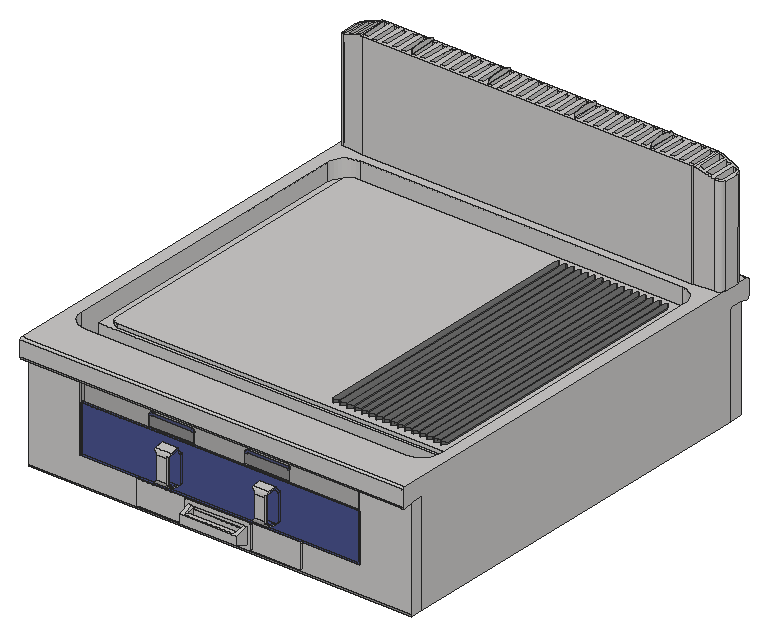
Revit family "QF_ELECTROLUXPROFESSIONAL_589110_MCHOAAHOPO", category Specialty Equipment, Revit 2018
Family settings
  Round Connector Dimension = Use Diameter
  Part Type = Normal
  Work Plane-Based = No
  Always vertical = Yes
  Cut with Voids When Loaded = No
  Shared = No
  Room Calculation Point = No
Parameters
  Weight in Pounds = 264.6
  Watts = 0 W
  URL Cutsheet = ""
  Type Mark [instance] = ""
  Specification by User [instance] = ""
  Specification by Manufacturer = ""
  Show Clearance [instance] = yes
  Serial Number = ""
  Seismic Rating = ""
  SMACNA No = ""
  Revision Code [instance] = ""
  Omniclass Number and Title = ""
  NAFEM Spec ID Number = ""
  Model = "589110"
  Mechanical Remarks = ""
  Mechanical Connection Type = ""
  Masterspec = ""
  Manufacturer = "ELECTROLUX"
  Item Number [instance] = ""
  Installed By [instance] = ""
  Identify Quantity as Lot [instance] = yes
  HP = "0 HP"
  Gas Size = 1/2"
  Gas RI Height [instance] = 0 mm
  Gas KW = 20
  Gas Input [instance] = 68180.0 Btu/h
  Gas Connection Height = 0 mm
  Furnished By [instance] = ""
  Foodservice Equipment Identifier [instance] = yes
  Direct Waste Size = 0"
  Description = "GAS FRYTOP,MIXED PL,1-SIDE,800X900X250H"
  CSI MasterFormat = ""
  CSI Master Format = ""
  Back Panel [instance] = yes
Reference planes
  plane 1 "BACK": y = 0
  plane 2: z = 0
  plane 3 "LEFT": x = 0
  plane 4 "RIGHT": x = 800
  plane 5 "FRONT": y = -900
  plane 6 "TOP": z = 250
  plane 7: x = 400
  plane 8: y = -450
  plane 9: z = 481
  plane 10: y = -1330
Forms (mm)
  Extrusion 1, solid, material "QF_Finishes_Stainless Steel"
    sketch origin (0, -487.128, 0) x (0, 1, 0) y (0, 0, 1)
      loop
        line (483.128, 250) -> (-408.872, 250)
        arc (-408.872, 250) -> (-411.7, 248.828) -> (-412.872, 246) r 4
        line (-412.872, 246) -> (-412.872, 214)
        arc (-412.872, 214) -> (-411.443, 210.936) -> (-408.177, 210.061) r 4
        line (-408.177, 210.061) -> (-391.509, 213) -> (-366.872, 213) -> (-366.872, 0) -> (441.128, 0) -> (441.128, 213) -> (465.765, 213) -> (482.433, 210.061)
        arc (482.433, 210.061) -> (485.699, 210.936) -> (487.128, 214) r 4
        line (487.128, 214) -> (487.128, 246)
        arc (487.128, 246) -> (485.956, 248.828) -> (483.128, 250) r 4
    from 0 to 800
  Extrusion 2, solid, material "QF_Finishes_Stainless Steel", visible <- "Back Panel"
    sketch origin (0, 0, 0) x (0, 1, 0) y (0, 0, 1)
      loop
        line (-46, 0) -> (-20, 0) -> (-20, 213) -> (-46, 213) -> (-46, 0)
    from 0 to 800
  Extrusion 3, void
    sketch origin (653.786, 44.048, 250) x (1, 0, 0) y (0, -1, 0)
      loop
        line (-590.636, 138.048) -> (83.064, 138.048)
        arc (83.064, 138.048) -> (110.04, 149.222) -> (121.214, 176.198) r 38.15
        line (121.214, 176.198) -> (121.214, 816.572)
        arc (121.214, 816.572) -> (109.944, 843.779) -> (82.737, 855.048) r 38.476
        line (82.737, 855.048) -> (-591.786, 855.048)
        arc (-591.786, 855.048) -> (-617.949, 844.211) -> (-628.786, 818.048) r 37
        line (-628.786, 818.048) -> (-628.786, 176.198)
        arc (-628.786, 176.198) -> (-617.613, 149.222) -> (-590.636, 138.048) r 38.15
    from 0 to 37
  Extrusion 4, void
    sketch origin (1307.573, 92.096, 213) x (0, 1, 0) y (1, 0, 0)
      loop
        line (-821.846, -532.573) -> (-864.62, -532.573)
        arc (-864.62, -532.573) -> (-891.827, -543.842) -> (-903.096, -571.049) r 38.476
        line (-903.096, -571.049) -> (-903.096, -1245.573)
        arc (-903.096, -1245.573) -> (-892.259, -1271.736) -> (-866.096, -1282.573) r 37
        line (-866.096, -1282.573) -> (-821.846, -1282.573) -> (-821.846, -532.573)
    from 0 to 25.6
  Extrusion 5, void
    sketch origin (1612.573, 92.096, 187.4) x (-1, 0, 0) y (0, 1, 0)
      loop
        circle (1212.573, -862.096) r 22.248
    from 0 to 92
  Extrusion 6, solid, material "QF_Finishes_Stainless Steel"
    sketch origin (0, -854, 0) x (1, 0, 0) y (0, -1, 0)
      loop
        circle (765, -264) r 6.35
    from 0 to 3.2
  Extrusion 7, solid, material "QF_Door-Drawer Clearances", visible <- "Show Clearance", detail levels coarse
    sketch origin (437.31, -881.593, 8.62) x (0, 0, 1) y (-1, 0, 0)
      loop
        line (1.973, -134.295) -> (49.317, -134.295)
        arc (49.317, -134.295) -> (50.776, -133.691) -> (51.38, -132.232) r 2.063
        line (51.38, -132.232) -> (51.38, 206.852)
        arc (51.38, 206.852) -> (50.88, 208.549) -> (49.541, 209.705) r 3.133
        line (49.541, 209.705) -> (3.067, 209.705)
        arc (3.067, 209.705) -> (0.898, 208.807) -> (0, 206.638) r 3.067
        line (0, 206.638) -> (0, -132.322)
        arc (0, -132.322) -> (0.578, -133.717) -> (1.973, -134.295) r 1.973
    from 0 to 448.407
  Extrusion 8, solid, material "QF_Clearances", visible <- "Show Clearance", detail levels coarse
    sketch origin (-178.969, -4572, 0) x (-1, 0, 0) y (0, -1, 0)
      loop
        line (-78.969, -3672) -> (-178.969, -3672) -> (-178.969, -4572) -> (-978.969, -4572) -> (-978.969, -3672) -> (-1078.969, -3672) -> (-1078.969, -4672) -> (-78.969, -4672) -> (-78.969, -3672)
    from 0 to 250
Cuts and joins
  Extrusion 3, Extrusion 4, Extrusion 5 cuts Extrusion 1
Lines and regions (mm)
  symbolic lines
    curve 1: line (493.666, -902.326, 0) -> (493.666, -900, 0)
    curve 2: spline (499.334, -903.73, 0) -> (498.856, -903.657, 0) -> (498.378, -903.575, 0) -> (497.901, -903.486, 0) -> (497.425, -903.389, 0) -> (496.95, -903.283, 0) -> (496.476, -903.17, 0) -> (496.004, -903.049, 0) -> (495.533, -902.92, 0) -> (495.064, -902.783, 0) -> (494.596, -902.638, 0) -> (494.13, -902.486, 0) -> (493.666, -902.326, 0)
    curve 3: line (525.881, -902.326, 0) -> (525.881, -900, 0)
    curve 4: spline (525.881, -902.326, 0) -> (525.417, -902.486, 0) -> (524.951, -902.638, 0) -> (524.483, -902.783, 0) -> (524.014, -902.92, 0) -> (523.543, -903.049, 0) -> (523.071, -903.17, 0) -> (522.597, -903.283, 0) -> (522.122, -903.389, 0) -> (521.646, -903.486, 0) -> (521.169, -903.575, 0) -> (520.691, -903.657, 0) -> (520.213, -903.73, 0)
    curve 5: line (499.334, -903.73, 0) -> (520.213, -903.73, 0)
    curve 6: line (25, -774, 0) -> (25, -132.15, 0)
    curve 7: arc (25, -132.15, 0) -> (36.174, -105.174, 0) -> (63.15, -94, 0) r 38.15
    curve 8: line (63.15, -94, 0) -> (736.85, -94, 0)
    curve 9: arc (736.85, -94, 0) -> (763.826, -105.174, 0) -> (775, -132.15, 0) r 38.15
    curve 10: line (775, -132.15, 0) -> (775, -772.524, 0)
    curve 11: arc (775, -772.524, 0) -> (763.731, -799.731, 0) -> (736.524, -811, 0) r 38.476
    curve 12: line (736.524, -811, 0) -> (62, -811, 0)
    curve 13: arc (62, -811, 0) -> (35.837, -800.163, 0) -> (25, -774, 0) r 37
    curve 14: line (775, -729.75, 0) -> (25, -729.75, 0)
    curve 15: circle (400, -770, 0) r 22.248 normal (0, 0, -1)
    curve 16: line (0, 0, 0) -> (800, 0, 0)
    curve 17: line (0, -900, 0) -> (0, 0, 0)
    curve 18: line (800, -900, 0) -> (0, -900, 0)
    curve 19: line (800, 0, 0) -> (800, -900, 0)
    curve 20: line (347.608, -908.767, 0) -> (450.042, -908.767, 0)
    curve 21: line (450.042, -908.767, 0) -> (451.588, -900, 0)
    curve 22: line (347.608, -908.767, 0) -> (346.062, -900, 0)
  symbolic lines, style "QF_Door-Drawer Clearances"
    curve 23: line (227.605, -1330, 0) -> (227.605, -900, 0)
    curve 24: line (227.605, -1330, 0) -> (571.605, -1330, 0)
    curve 25: line (571.605, -1330, 0) -> (571.605, -900, 0)
  symbolic lines, style "QF_Clearances", visible <- "Show Clearance", detail levels coarse
    curve 26: line (-100, 100, 0) -> (-100, -900, 0)
    curve 27: line (900, 100, 0) -> (-100, 100, 0)
    curve 28: line (900, -900, 0) -> (900, 100, 0)
Dimensions and locks
  plane 3 "LEFT" to plane 4 "RIGHT" = 800 mm
  plane 5 "FRONT" to plane 1 "BACK" = 900 mm
  equal spacing: plane 3 "LEFT", plane 7, plane 4 "RIGHT"
  equal spacing: plane 5 "FRONT", plane 8, plane 1 "BACK"
  plane 6 "TOP" to level = 250 mm  (x2)
  plane 1 "BACK" to plane 5 "FRONT" = 900 mm
  Extrusion 6 sketch curve to plane 1 "BACK" = 590 mm
  Extrusion 6 sketch curve to plane 4 "RIGHT" = 35 mm
  plane 5 "FRONT" to plane 10 = 430 mm
  plane 9 to plane 6 "TOP" = 231 mm
  plane 9 to level = 481 mm
  Extrusion 8 to plane 3 "LEFT" = 100 mm
  plane 4 "RIGHT" to Extrusion 8 = 100 mm
  plane 1 "BACK" to Extrusion 8 = 100 mm
  aligned and locked: level to plane 2
  aligned and locked: Extrusion 7 to plane 10
  aligned and locked: plane 6 "TOP" to Extrusion 8
  aligned and locked: cut or joined group of Extrusion 1, Extrusion 3, Extrusion 4, Extrusion 5 to plane 4 "RIGHT"
  aligned and locked: Extrusion 2 to plane 4 "RIGHT"
  aligned and locked: plane 7 to nested 1
  aligned and locked: plane 7 to nested 2
  aligned and locked: plane 7 to nested 3
Automatic sketch dimensions
  Extrusion 2 sketch curve to Extrusion 2 sketch curve = 26 mm
  plane 1 "BACK" to Extrusion 2 sketch curve = 20 mm
  Extrusion 1 to Extrusion 3 sketch curve = 90 mm
  Extrusion 1 to Extrusion 3 sketch curve = 122 mm
  Extrusion 1 to Extrusion 3 sketch curve = 25 mm
  Extrusion 3 sketch curve to Extrusion 3 sketch curve = 38.15 mm  (x2)
  Extrusion 1 to Extrusion 3 sketch curve = 123.476 mm
  Extrusion 1 to Extrusion 3 sketch curve = 85 mm
  Extrusion 3 sketch curve to Extrusion 3 sketch curve = 674.524 mm
  Extrusion 1 sketch curve to plane 5 "FRONT" = 0 mm
  Extrusion 1 sketch curve to plane 6 "TOP" = 0 mm
  Extrusion 1 sketch curve to level = 0 mm
  Extrusion 1 sketch curve to plane 1 "BACK" = 0 mm
  Extrusion 1 sketch curve to plane 6 "TOP" = 37 mm  (x2)
  Extrusion 1 sketch curve to plane 5 "FRONT" = 4 mm
  Extrusion 1 sketch curve to plane 5 "FRONT" = 21.363 mm
  Extrusion 1 sketch curve to plane 5 "FRONT" = 46 mm
  plane 1 "BACK" to Extrusion 1 sketch curve = 21.363 mm
  plane 1 "BACK" to Extrusion 1 sketch curve = 4 mm  (x2)
  Extrusion 1 sketch curve to Extrusion 1 sketch curve = 4 mm
  Extrusion 1 sketch curve to Extrusion 1 sketch curve = 0.695 mm
  Extrusion 1 sketch curve to Extrusion 1 sketch curve = 0 mm  (x4)
  plane 1 "BACK" to Extrusion 1 sketch curve = 4.695 mm
  Extrusion 1 sketch curve to Extrusion 1 sketch curve = 1 mm  (x2)
  plane 1 "BACK" to Extrusion 1 sketch curve = 46 mm
  Extrusion 4 sketch curve to Extrusion 3 = 81.25 mm
  Extrusion 3 to Extrusion 4 sketch curve = 0 mm  (x2)
  Extrusion 4 sketch curve to Extrusion 4 sketch curve = 37 mm
  Extrusion 4 sketch curve to Extrusion 4 sketch curve = 674.524 mm
  Extrusion 4 sketch curve to Extrusion 3 = 38.476 mm
  Extrusion 5 sketch curve to Extrusion 4 = 41 mm
  Extrusion 5 sketch curve to Extrusion 4 = 375 mm
  plane 1 "BACK" to curve 16 = 0 mm
  curve 16 to plane 4 "RIGHT" = 0 mm
  curve 23 to plane 10 = 0 mm
  curve 17 to plane 3 "LEFT" = 0 mm
  plane 5 "FRONT" to curve 25 = 0 mm
  plane 4 "RIGHT" to curve 10 = 25 mm
  curve 10 to curve 8 = 38.15 mm
  curve 11 to curve 12 = 38.476 mm
  plane 5 "FRONT" to curve 21 = 8.767 mm
  plane 5 "FRONT" to curve 3 = 2.326 mm
  plane 7 to curve 3 = 125.881 mm
  plane 5 "FRONT" to curve 5 = 3.73 mm
  curve 3 to curve 5 = 5.669 mm
  curve 5 to curve 22 = 172.605 mm
  curve 5 to curve 20 = 151.727 mm
  plane 5 "FRONT" to curve 1 = 2.326 mm
  curve 2 to curve 1 = 5.669 mm
  plane 3 "LEFT" to curve 8 = 63.15 mm
  plane 3 "LEFT" to curve 12 = 62 mm
  plane 3 "LEFT" to curve 23 = 227.605 mm
  plane 3 "LEFT" to curve 6 = 25 mm
  plane 4 "RIGHT" to curve 25 = 228.395 mm
  plane 5 "FRONT" to curve 4 = 4.032 mm
  curve 5 to curve 4 = 4.17 mm
  curve 4 to curve 22 = 169.98 mm
  curve 4 to curve 2 = 12.538 mm
  curve 15 to curve 13 = 338 mm
  plane 1 "BACK" to curve 8 = 94 mm
  curve 10 to plane 5 "FRONT" = 127.476 mm
  curve 14 to curve 13 = 44.25 mm
  curve 15 to curve 13 = 4 mm
  curve 2 to curve 4 = 0 mm
  plane 7 to curve 21 = 50.042 mm
  curve 21 to curve 20 = 1.546 mm
  plane 1 "BACK" to Extrusion 8 sketch curve = 0 mm
  plane 5 "FRONT" to Extrusion 8 sketch curve = 0 mm  (x2)
  Extrusion 8 sketch curve to plane 4 "RIGHT" = 100 mm
  Extrusion 8 sketch curve to plane 1 "BACK" = 100 mm
  Extrusion 8 sketch curve to plane 3 "LEFT" = 100 mm
  Extrusion 8 sketch curve to plane 3 "LEFT" = 0 mm
  Extrusion 8 sketch curve to plane 4 "RIGHT" = 0 mm
  curve 26 to plane 3 "LEFT" = 100 mm
  curve 26 to plane 1 "BACK" = 100 mm
  plane 5 "FRONT" to curve 26 = 0 mm
  curve 27 to plane 4 "RIGHT" = 100 mm
  plane 5 "FRONT" to curve 28 = 0 mm
  level to Extrusion 7 sketch curve = 8.62 mm
  level to Extrusion 7 sketch curve = 57.937 mm
  plane 7 to Extrusion 7 sketch curve = 171.605 mm
  Extrusion 7 sketch curve to Extrusion 7 sketch curve = 1.973 mm
  Extrusion 7 sketch curve to Extrusion 7 sketch curve = 3.067 mm
  Extrusion 7 sketch curve to Extrusion 7 sketch curve = 46.474 mm
  Extrusion 7 sketch curve to Extrusion 7 sketch curve = 2.063 mm
  Extrusion 7 sketch curve to Extrusion 7 sketch curve = 3.133 mm
  Extrusion 7 sketch curve to plane 7 = 169.328 mm
  Extrusion 2 sketch curve to level = 0 mm
  Extrusion 2 sketch curve to plane 6 "TOP" = 37 mm
  radius of Extrusion 5 sketch curve = 22.248 mm
  radius of Extrusion 6 sketch curve = 6.35 mm
  radius of curve 15 = 22.248 mm
Nested families
  nested 1: "GG_900_800 Front Panel with Center Grease Trap" at (0, -854, -650), type "GG_900_800 Front Panel with Center Grease Trap"
  nested 2: "GG_900_Backsplash for 800 fryer" at (388.888, -5, -635.571), type "GG_900_Backsplash for 800 fryer"
  nested 3: "GG_900_800 mm Half Grate" at (400, -411.875, -675), type "GG_900_800 mm Half Grate"
Connectors
  piping at (765, -590, -3.2), diameter 12.8
    settings: on Extrusion 6, index 1, connector inside diameter 0.50394", connector length 0 mm, flow factor 0, pipe flow 0 GPM, pressure drop 0.00 psi, fitting loss kfactor 0, connector angle 0.00°, fixture units 0, engagement length 0 mm, angle of deflection 0.00°, flow configuration 1, flow direction 1, fitting loss method 0, system type 7, joint type 0, gender type 0, connector reference index -1, connector utility 0, adjustable connector no, is connector primary yes, connector description "GAS CONNECTION"
Definition of nested family "GG_900_800 Front Panel with Center Grease Trap"
  Reference planes
    plane 1 "Center (Front/Back)": y = 0
    plane 2: z = 0
    plane 3 "Center (Left/Right)": x = 0
    plane 4: y = -26.492
    plane 5: x = 400
    plane 6: x = 522.091
    plane 7: x = 319.468
  Forms (mm)
    Extrusion 1, solid
      sketch origin (1033.217, 829.203, -1.25) x (0, 1, 0) y (0, 0, 1)
        loop
          arc (-854.203, 654.25) -> (-853.324, 652.129) -> (-851.203, 651.25) r 3
          line (-851.203, 651.25) -> (-829.203, 651.25) -> (-829.203, 864.25) -> (-854.203, 864.25) -> (-854.203, 654.25)
      from -1033.217 to -233.217
    Extrusion 2, void
      sketch origin (1033.217, 829.203, -1.25) x (1, 0, 0) y (0, 0, 1)
        loop
          line (-341.217, 853.25) -> (-925.217, 853.25) -> (-925.217, 711.25) -> (-341.217, 711.25) -> (-341.217, 853.25)
      from 843.409 to 854.203
  Cuts and joins
    Extrusion 2 cuts Extrusion 1
  Dimensions and locks
    cut or joined group of Extrusion 1, Extrusion 2 to cut or joined group of Extrusion 1, Extrusion 2 = 108 mm
    nested 2 to plane 3 "Center (Left/Right)" = 108 mm
    nested 2 to plane 3 "Center (Left/Right)" = 252.97 mm
    cut or joined group of Extrusion 1, Extrusion 2 to nested 2 = 253.275 mm
    cut or joined group of Extrusion 1, Extrusion 2 to nested 4 = 297.909 mm
    nested 3 to plane 3 "Center (Left/Right)" = 298.218 mm
    aligned and locked: nested 1 to nested 2
  Nested families
    nested 1: "grease trap door" at (467.599, -25, 0.608) x (-1, 0, 0) z (0, 0, 1), type "grease trap door"
    nested 2: "Long Glass Control Panel w-Two Reads" at (108, -25, 5.811), type "Long Glass Control Panel w-Two Reads"
    nested 3: "Range Control Handle" at (298.218, -28.137, -207.75), type "Range Control Handle"
    nested 4: "Range Control Handle" at (502.091, -28.137, -207.75), type "Range Control Handle"
  Definition of nested family "grease trap door"
    Reference planes
      plane 1 "Center (Front/Back)": y = 0
      plane 2: z = 0
      plane 3 "Center (Left/Right)": x = 0
    Forms (mm)
      Extrusion 1, solid
        sketch origin (1627.55, 854.203, -1.25) x (1, 0, 0) y (0, 0, 1)
          loop
            arc (-1627.55, 661.235) -> (-1626.972, 659.84) -> (-1625.577, 659.262) r 1.973
            line (-1625.577, 659.262) -> (-1494.325, 659.262)
            arc (-1494.325, 659.262) -> (-1492.156, 660.16) -> (-1491.258, 662.329) r 3.067
            line (-1491.258, 662.329) -> (-1491.258, 708.803)
            arc (-1491.258, 708.803) -> (-1492.414, 710.143) -> (-1494.111, 710.642) r 3.133
            line (-1494.111, 710.642) -> (-1625.486, 710.642)
            arc (-1625.486, 710.642) -> (-1626.945, 710.038) -> (-1627.55, 708.579) r 2.063
            line (-1627.55, 708.579) -> (-1627.55, 661.235)
        from 856.795 to 859.203
      Extrusion 2, solid
        sketch origin (445.874, 2476.61, 0) x (0, 1, 0) y (0, 0, 1)
          loop
            line (-2506.377, 675.273) -> (-2481.61, 667.505) -> (-2481.61, 700.995) -> (-2506.377, 693.227) -> (-2506.377, 675.273)
        from -437.68 to -317.68
      Extrusion 3, void
        sketch origin (1627.55, 854.203, -1.25) x (1, 0, 0) y (0, 0, 1)
          loop
            line (-1614.883, 703) -> (-1610.542, 695.433) -> (-1508.17, 695.433) -> (-1503.828, 703) -> (-1614.883, 703)
          loop
            line (-1614.883, 668) -> (-1502.669, 668) -> (-1507.01, 675.567) -> (-1610.542, 675.567) -> (-1614.883, 668)
        from 832.916 to 883.97
      Extrusion 4, void
        sketch origin (447.55, 854.203, -1.25) x (1, 0, 0) y (0, 0, 1)
          loop
            line (-430.542, 695.433) -> (-430.542, 675.567) -> (-328.17, 675.567) -> (-328.17, 695.433) -> (-430.542, 695.433)
        from 859.203 to 874.202
      Extrusion 5, solid
        sketch origin (1627.55, 854.203, -1.25) x (1, 0, 0) y (0, 0, 1)
          loop
            arc (-1731.556, 661.235) -> (-1730.978, 659.84) -> (-1729.583, 659.262) r 1.973
            line (-1729.583, 659.262) -> (-1390.623, 659.262)
            arc (-1390.623, 659.262) -> (-1388.454, 660.16) -> (-1387.556, 662.329) r 3.067
            line (-1387.556, 662.329) -> (-1387.556, 708.803)
            arc (-1387.556, 708.803) -> (-1388.712, 710.143) -> (-1390.409, 710.642) r 3.133
            line (-1390.409, 710.642) -> (-1729.493, 710.642)
            arc (-1729.493, 710.642) -> (-1730.952, 710.038) -> (-1731.556, 708.579) r 2.063
            line (-1731.556, 708.579) -> (-1731.556, 661.235)
        from 854.203 to 856.795
    Cuts and joins
      Extrusion 3 cuts Extrusion 1
      Extrusion 3, Extrusion 4 cuts Extrusion 2
      joined: Extrusion 1, Extrusion 2
    Lines and regions (mm)
      symbolic lines
        curve 1: line (0, -2.593, 0) -> (136.292, -2.593, 0)
        curve 2: line (17.557, -29.767, 0) -> (12.667, -2.593, 0)
        curve 3: line (17.557, -29.767, 0) -> (119.991, -29.767, 0)
        curve 4: line (119.991, -29.767, 0) -> (124.881, -2.593, 0)
        curve 5: line (68.146, -2.593, 0) -> (68.146, -29.767, 0)
      model lines
        curve 6: line (67.599, 0, 658.012) -> (67.599, 0, 709.392)
    Dimensions and locks
      aligned and locked: Extrusion 2 to Extrusion 1
      aligned and locked: Extrusion 3 to Extrusion 2
      aligned and locked: Extrusion 4 to Extrusion 1
  Definition of nested family "Long Glass Control Panel w-Two Reads"
    Reference planes
      plane 1 "Center (Front/Back)": y = 0
      plane 2: z = 0
      plane 3 "Center (Left/Right)": x = 0
      plane 4: x = 584
      plane 5: x = 581.091
      plane 6: x = 350
      plane 7: x = 233.749
      plane 8 "Top": z = 846.189
      plane 9 "Center": x = 292
    Forms (mm)
      Extrusion 1, solid
        sketch origin (550.286, 304.8, -4.308) x (1, 0, 0) y (0, 0, 1)
          loop
            line (-550.286, 806.791) -> (-550.286, 708.497) -> (33.714, 708.497) -> (33.714, 806.791) -> (-550.286, 806.791)
        from 300.031 to 304.8
      Extrusion 2, solid
        sketch origin (550.286, 304.8, -4.308) x (1, 0, 0) y (0, 0, 1)
          loop
            line (-550.286, 850.497) -> (-550.286, 806.791) -> (33.714, 806.791) -> (33.714, 850.497) -> (-550.286, 850.497)
        from 300.031 to 304.8
      Extrusion 3, solid
        sketch origin (550.286, 305.901, -4.308) x (1, 0, 0) y (0, 0, 1)
          loop
            line (-311.561, 812.62) -> (-311.561, 834.177) -> (-316.37, 834.177) -> (-318.169, 835.977) -> (-398.599, 835.977) -> (-400.399, 834.177) -> (-405.316, 834.177) -> (-405.316, 812.62) -> (-311.561, 812.62)
          loop
            line (-111.561, 812.62) -> (-111.561, 834.177) -> (-116.37, 834.177) -> (-118.169, 835.977) -> (-198.599, 835.977) -> (-200.399, 834.177) -> (-205.316, 834.177) -> (-205.316, 812.62) -> (-111.561, 812.62)
        from 304.798 to 306.745
      Extrusion 4, solid
        sketch origin (550.286, 305.901, -4.308) x (1, 0, 0) y (0, 0, 1)
          loop
            line (-318.121, 835.977) -> (-316.321, 834.177) -> (-311.611, 834.177)
            arc (-311.611, 834.177) -> (-312.787, 838.752) -> (-317.062, 840.763) r 5.549
            line (-317.062, 840.763) -> (-399.768, 840.763)
            arc (-399.768, 840.763) -> (-404.024, 838.747) -> (-405.16, 834.177) r 5.5
            line (-405.16, 834.177) -> (-400.351, 834.177) -> (-398.551, 835.977) -> (-318.121, 835.977)
          loop
            line (-200.222, 834.177) -> (-198.422, 835.977) -> (-117.993, 835.977) -> (-116.193, 834.177) -> (-111.482, 834.177)
            arc (-111.482, 834.177) -> (-112.659, 838.752) -> (-116.934, 840.763) r 5.549
            line (-116.934, 840.763) -> (-199.639, 840.763)
            arc (-199.639, 840.763) -> (-203.895, 838.747) -> (-205.031, 834.177) r 5.5
            line (-205.031, 834.177) -> (-200.222, 834.177)
        from 304.798 to 306.745
      Extrusion 5, void
        sketch origin (550.286, 304.8, -4.308) x (1, 0, 0) y (0, 0, 1)
          loop
            line (-547.628, 847.565) -> (-547.628, 710.699) -> (30.804, 710.699) -> (30.804, 847.565) -> (-547.628, 847.565)
        from 303.697 to 304.8
    Cuts and joins
      Extrusion 5 cuts Extrusion 1
      Extrusion 5 cuts Extrusion 2
      Extrusion 5 cuts Extrusion 3
      Extrusion 5 cuts Extrusion 4
    Lines and regions (mm)
      symbolic lines
        curve 1: line (0, 4.769, 0) -> (584, 4.769, 0)
    Dimensions and locks
      plane 4 to plane 3 "Center (Left/Right)" = 584 mm
      locked: plane 4 to plane 5 at 2.909
      plane 4 to plane 6 = 234 mm
      plane 7 to plane 3 "Center (Left/Right)" = 233.749 mm
      aligned and locked: Extrusion 1 to Extrusion 2
      aligned and locked: Extrusion 3 to Extrusion 4
  Definition of nested family "Range Control Handle"
    Reference planes
      plane 1 "Center (Front/Back)": y = 0
      plane 2: z = 0
      plane 3 "Center (Left/Right)": x = 0
      plane 4: z = 971.092
    Forms (mm)
      Extrusion 1, solid
        sketch origin (-746.28, 380.497, 208.931) x (-1, 0, 0) y (0, 0, 1)
          loop
            line (-770.101, 786.798) -> (-770.101, 731.649)
            arc (-770.101, 731.649) -> (-769.759, 730.563) -> (-768.855, 729.87) r 1.893
            line (-768.855, 729.87) -> (-763.474, 727.911) -> (-729.81, 727.911) -> (-724.428, 729.87)
            arc (-724.428, 729.87) -> (-723.525, 730.563) -> (-723.183, 731.649) r 1.893
            line (-723.183, 731.649) -> (-723.183, 786.798)
            arc (-723.183, 786.798) -> (-723.529, 787.894) -> (-724.44, 788.593) r 1.91
            line (-724.44, 788.593) -> (-729.683, 790.819) -> (-763.601, 790.819) -> (-768.844, 788.593)
            arc (-768.844, 788.593) -> (-769.755, 787.894) -> (-770.101, 786.798) r 1.91
        from -382.35 to -378.852
      Sweep 2, solid
        path origin (-746.788, 380.496, 208.091) x (0, -1, 0) y (0, 0, 1)
          loop
            line (379.775, 793.281) -> (395.661, 791.048)
            arc (395.661, 791.048) -> (397.781, 787.377) -> (398.517, 783.202) r 12.207
            line (398.517, 783.202) -> (398.517, 737.368)
            arc (398.517, 737.368) -> (397.781, 733.193) -> (395.661, 729.522) r 12.207
            line (395.661, 729.522) -> (379.775, 727.289)
        profile origin (-746.788, -7.222, 1000.256) x (0, -0.139173, 0.990268) y (-1, 0, 0)
          loop
            line (0.782, -763.123) -> (0.782, -730.907) -> (-1.322, -730.907) -> (-1.322, -763.123) -> (0.782, -763.123)
      Sweep 3, solid
        path origin (-746.788, 380.715, 207.832) x (0, -1, 0) y (0, 0, 1)
          loop
            line (380.478, 795.442) -> (397.218, 793.09)
            arc (397.218, 793.09) -> (399.929, 788.473) -> (400.871, 783.202) r 15.207
            line (400.871, 783.202) -> (400.871, 737.584)
            arc (400.871, 737.584) -> (399.914, 732.274) -> (397.164, 727.633) r 15.207
            line (397.164, 727.633) -> (380.601, 725.305)
        profile origin (-746.788, -8.132, 1002.099) x (0, -0.139173, 0.990268) y (-1, 0, 0)
          loop
            line (0.782, -763.123) -> (0.782, -730.907) -> (-1.322, -730.907) -> (-1.322, -763.123) -> (0.782, -763.123)
      Extrusion 4, void
        sketch origin (889.253, 220.666, 207.993) x (1, 0, 0) y (0, 0, 1)
          loop
            line (-943.038, 816.854) -> (-943.038, 703.686) -> (-899.466, 734.196) -> (-899.466, 786.344) -> (-943.038, 816.854)
        from 230.636 to 242.25
      Extrusion 5, void
        sketch origin (-888.8, 220.666, 207.993) x (-1, 0, 0) y (0, 0, -1)
          loop
            line (-943.038, -816.854) -> (-899.466, -786.344) -> (-899.466, -734.196) -> (-943.038, -703.686) -> (-943.038, -816.854)
        from 230.636 to 242.25
      Extrusion 6, solid
        sketch origin (0, 0, 0) x (1, 0, 0) y (0, 0, 1)
          loop
            circle (0, 971.092) r 7.736
        from -3.137 to -1.645
    Cuts and joins
      Extrusion 4, Extrusion 5 cuts Sweep 3
      Extrusion 4, Extrusion 5 cuts Sweep 2
      joined: Extrusion 1, Extrusion 6
    Lines and regions (mm)
      symbolic lines
        curve 1: line (23.821, 1.645, 0) -> (-23.097, 1.645, 0)
        curve 2: line (16.334, -1.853, 0) -> (23.821, -1.853, 0)
        curve 3: line (-15.881, -19.189, 0) -> (-15.881, -1.853, 0)
        curve 4: line (-23.097, -1.853, 0) -> (-15.881, -1.853, 0)
        curve 5: line (16.334, -19.189, 0) -> (16.334, -1.853, 0)
        curve 6: spline (-15.881, -19.189, 0) -> (-15.417, -19.349, 0) -> (-14.951, -19.501, 0) -> (-14.483, -19.646, 0) -> (-14.014, -19.783, 0) -> (-13.543, -19.912, 0) -> (-13.071, -20.033, 0) -> (-12.597, -20.146, 0) -> (-12.122, -20.251, 0) -> (-11.646, -20.349, 0) -> (-11.169, -20.438, 0) -> (-10.691, -20.52, 0) -> (-10.213, -20.593, 0)
        curve 7: spline (10.666, -20.593, 0) -> (11.144, -20.52, 0) -> (11.622, -20.438, 0) -> (12.099, -20.349, 0) -> (12.575, -20.251, 0) -> (13.05, -20.146, 0) -> (13.524, -20.033, 0) -> (13.996, -19.912, 0) -> (14.467, -19.783, 0) -> (14.936, -19.646, 0) -> (15.404, -19.501, 0) -> (15.87, -19.349, 0) -> (16.334, -19.189, 0)
        curve 8: line (-10.213, -20.938, 0) -> (10.716, -20.938, 0)
        curve 9: line (-23.097, 1.645, 0) -> (-23.097, -1.853, 0)
        curve 10: line (23.821, 1.645, 0) -> (23.821, -1.853, 0)
Definition of nested family "GG_900_Backsplash for 800 fryer"
  Reference planes
    plane 1 "Center (Front/Back)": y = 0
    plane 2: z = 0
    plane 3 "Center (Left/Right)": x = 11.112
    plane 4: x = -388.888
    plane 5: x = 411.112
    plane 6: y = -37.994
  Forms (mm)
    Extrusion 1, solid
      sketch origin (3208.371, -22.924, -275.679) x (1, 0, 0) y (0, 0, 1)
        loop
          line (-3597.259, 1365.162) -> (-3597.259, 1161.25) -> (-2797.259, 1161.25) -> (-2797.259, 1364.934) -> (-2841.553, 1381.055)
          arc (-2841.553, 1381.055) -> (-2844.994, 1381.949) -> (-2848.536, 1382.25) r 21
          line (-2848.536, 1382.25) -> (-3546.608, 1382.25)
          arc (-3546.608, 1382.25) -> (-3550.146, 1381.95) -> (-3553.582, 1381.058) r 21
          line (-3553.582, 1381.058) -> (-3597.259, 1365.162)
      from -17.885 to 48.024
    Extrusion 2, void
      sketch origin (3108.387, -925.98, -226.348) x (1, 0, 0) y (0, 1, 0)
        loop
          line (-3444.887, 915.362) -> (-3444.887, 861.502) -> (-3434.887, 861.502) -> (-3434.887, 915.362) -> (-3444.887, 915.362)
      from 1111.919 to 1332.919
    Extrusion 3, void
      sketch origin (3789.012, -925.98, -226.348) x (1, 0, 0) y (0, 1, 0)
        loop
          line (-3444.887, 915.362) -> (-3444.887, 861.502) -> (-3434.887, 861.502) -> (-3434.887, 915.362) -> (-3444.887, 915.362)
      from 1111.919 to 1332.919
    Extrusion 4, void
      sketch origin (3128.405, -925.98, -226.348) x (1, 0, 0) y (0, 1, 0)
        loop
          line (-3444.887, 915.362) -> (-3444.887, 861.502) -> (-3434.887, 861.502) -> (-3434.887, 915.362) -> (-3444.887, 915.362)
      from 1111.919 to 1332.919
    Extrusion 5, void
      sketch origin (3148.424, -925.98, -226.348) x (1, 0, 0) y (0, 1, 0)
        loop
          line (-3444.887, 915.362) -> (-3444.887, 861.502) -> (-3434.887, 861.502) -> (-3434.887, 915.362) -> (-3444.887, 915.362)
      from 1111.919 to 1332.919
    Extrusion 6, void
      sketch origin (3168.442, -925.98, -226.348) x (1, 0, 0) y (0, 1, 0)
        loop
          line (-3444.887, 915.362) -> (-3444.887, 861.502) -> (-3434.887, 861.502) -> (-3434.887, 915.362) -> (-3444.887, 915.362)
      from 1111.919 to 1332.919
    Extrusion 7, void
      sketch origin (3188.46, -925.98, -226.348) x (1, 0, 0) y (0, 1, 0)
        loop
          line (-3444.887, 915.362) -> (-3444.887, 861.502) -> (-3434.887, 861.502) -> (-3434.887, 915.362) -> (-3444.887, 915.362)
      from 1111.919 to 1332.919
    Extrusion 8, void
      sketch origin (3208.479, -925.98, -226.348) x (1, 0, 0) y (0, 1, 0)
        loop
          line (-3444.887, 915.362) -> (-3444.887, 861.502) -> (-3434.887, 861.502) -> (-3434.887, 915.362) -> (-3444.887, 915.362)
      from 1111.919 to 1332.919
    Extrusion 9, void
      sketch origin (3228.497, -925.98, -226.348) x (1, 0, 0) y (0, 1, 0)
        loop
          line (-3444.887, 915.362) -> (-3444.887, 861.502) -> (-3434.887, 861.502) -> (-3434.887, 915.362) -> (-3444.887, 915.362)
      from 1111.919 to 1332.919
    Extrusion 10, void
      sketch origin (3248.516, -925.98, -226.348) x (1, 0, 0) y (0, 1, 0)
        loop
          line (-3444.887, 915.362) -> (-3444.887, 861.502) -> (-3434.887, 861.502) -> (-3434.887, 915.362) -> (-3444.887, 915.362)
      from 1111.919 to 1332.919
    Extrusion 11, void
      sketch origin (3268.534, -925.98, -226.348) x (1, 0, 0) y (0, 1, 0)
        loop
          line (-3444.887, 915.362) -> (-3444.887, 861.502) -> (-3434.887, 861.502) -> (-3434.887, 915.362) -> (-3444.887, 915.362)
      from 1111.919 to 1332.919
    Extrusion 12, void
      sketch origin (3288.552, -925.98, -226.348) x (1, 0, 0) y (0, 1, 0)
        loop
          line (-3444.887, 915.362) -> (-3444.887, 861.502) -> (-3434.887, 861.502) -> (-3434.887, 915.362) -> (-3444.887, 915.362)
      from 1111.919 to 1332.919
    Extrusion 13, void
      sketch origin (3308.571, -925.98, -226.348) x (1, 0, 0) y (0, 1, 0)
        loop
          line (-3444.887, 915.362) -> (-3444.887, 861.502) -> (-3434.887, 861.502) -> (-3434.887, 915.362) -> (-3444.887, 915.362)
      from 1111.919 to 1332.919
    Extrusion 14, void
      sketch origin (3328.589, -925.98, -226.348) x (1, 0, 0) y (0, 1, 0)
        loop
          line (-3444.887, 915.362) -> (-3444.887, 861.502) -> (-3434.887, 861.502) -> (-3434.887, 915.362) -> (-3444.887, 915.362)
      from 1111.919 to 1332.919
    Extrusion 15, void
      sketch origin (3348.607, -925.98, -226.348) x (1, 0, 0) y (0, 1, 0)
        loop
          line (-3444.887, 915.362) -> (-3444.887, 861.502) -> (-3434.887, 861.502) -> (-3434.887, 915.362) -> (-3444.887, 915.362)
      from 1111.919 to 1332.919
    Extrusion 16, void
      sketch origin (3368.626, -925.98, -226.348) x (1, 0, 0) y (0, 1, 0)
        loop
          line (-3444.887, 915.362) -> (-3444.887, 861.502) -> (-3434.887, 861.502) -> (-3434.887, 915.362) -> (-3444.887, 915.362)
      from 1111.919 to 1332.919
    Extrusion 17, void
      sketch origin (3388.644, -925.98, -226.348) x (1, 0, 0) y (0, 1, 0)
        loop
          line (-3444.887, 915.362) -> (-3444.887, 861.502) -> (-3434.887, 861.502) -> (-3434.887, 915.362) -> (-3444.887, 915.362)
      from 1111.919 to 1332.919
    Extrusion 18, void
      sketch origin (3408.663, -925.98, -226.348) x (1, 0, 0) y (0, 1, 0)
        loop
          line (-3444.887, 915.362) -> (-3444.887, 861.502) -> (-3434.887, 861.502) -> (-3434.887, 915.362) -> (-3444.887, 915.362)
      from 1111.919 to 1332.919
    Extrusion 19, void
      sketch origin (3428.681, -925.98, -226.348) x (1, 0, 0) y (0, 1, 0)
        loop
          line (-3444.887, 915.362) -> (-3444.887, 861.502) -> (-3434.887, 861.502) -> (-3434.887, 915.362) -> (-3444.887, 915.362)
      from 1111.919 to 1332.919
    Extrusion 20, void
      sketch origin (3448.699, -925.98, -226.348) x (1, 0, 0) y (0, 1, 0)
        loop
          line (-3444.887, 915.362) -> (-3444.887, 861.502) -> (-3434.887, 861.502) -> (-3434.887, 915.362) -> (-3444.887, 915.362)
      from 1111.919 to 1332.919
    Extrusion 21, void
      sketch origin (3468.718, -925.98, -226.348) x (1, 0, 0) y (0, 1, 0)
        loop
          line (-3444.887, 915.362) -> (-3444.887, 861.502) -> (-3434.887, 861.502) -> (-3434.887, 915.362) -> (-3444.887, 915.362)
      from 1111.919 to 1332.919
    Extrusion 22, void
      sketch origin (3488.736, -925.98, -226.348) x (1, 0, 0) y (0, 1, 0)
        loop
          line (-3444.887, 915.362) -> (-3444.887, 861.502) -> (-3434.887, 861.502) -> (-3434.887, 915.362) -> (-3444.887, 915.362)
      from 1111.919 to 1332.919
    Extrusion 23, void
      sketch origin (3508.755, -925.98, -226.348) x (1, 0, 0) y (0, 1, 0)
        loop
          line (-3444.887, 915.362) -> (-3444.887, 861.502) -> (-3434.887, 861.502) -> (-3434.887, 915.362) -> (-3444.887, 915.362)
      from 1111.919 to 1332.919
    Extrusion 24, void
      sketch origin (3528.773, -925.98, -226.348) x (1, 0, 0) y (0, 1, 0)
        loop
          line (-3444.887, 915.362) -> (-3444.887, 861.502) -> (-3434.887, 861.502) -> (-3434.887, 915.362) -> (-3444.887, 915.362)
      from 1111.919 to 1332.919
    Extrusion 25, void
      sketch origin (3548.791, -925.98, -226.348) x (1, 0, 0) y (0, 1, 0)
        loop
          line (-3444.887, 915.362) -> (-3444.887, 861.502) -> (-3434.887, 861.502) -> (-3434.887, 915.362) -> (-3444.887, 915.362)
      from 1111.919 to 1332.919
    Extrusion 26, void
      sketch origin (3568.81, -925.98, -226.348) x (1, 0, 0) y (0, 1, 0)
        loop
          line (-3444.887, 915.362) -> (-3444.887, 861.502) -> (-3434.887, 861.502) -> (-3434.887, 915.362) -> (-3444.887, 915.362)
      from 1111.919 to 1332.919
    Extrusion 27, void
      sketch origin (3588.828, -925.98, -226.348) x (1, 0, 0) y (0, 1, 0)
        loop
          line (-3444.887, 915.362) -> (-3444.887, 861.502) -> (-3434.887, 861.502) -> (-3434.887, 915.362) -> (-3444.887, 915.362)
      from 1111.919 to 1332.919
    Extrusion 28, void
      sketch origin (3608.846, -925.98, -226.348) x (1, 0, 0) y (0, 1, 0)
        loop
          line (-3444.887, 915.362) -> (-3444.887, 861.502) -> (-3434.887, 861.502) -> (-3434.887, 915.362) -> (-3444.887, 915.362)
      from 1111.919 to 1332.919
    Extrusion 29, void
      sketch origin (3628.865, -925.98, -226.348) x (1, 0, 0) y (0, 1, 0)
        loop
          line (-3444.887, 915.362) -> (-3444.887, 861.502) -> (-3434.887, 861.502) -> (-3434.887, 915.362) -> (-3444.887, 915.362)
      from 1111.919 to 1332.919
    Extrusion 30, void
      sketch origin (3648.883, -925.98, -226.348) x (1, 0, 0) y (0, 1, 0)
        loop
          line (-3444.887, 915.362) -> (-3444.887, 861.502) -> (-3434.887, 861.502) -> (-3434.887, 915.362) -> (-3444.887, 915.362)
      from 1111.919 to 1332.919
    Extrusion 31, void
      sketch origin (3668.902, -925.98, -226.348) x (1, 0, 0) y (0, 1, 0)
        loop
          line (-3444.887, 915.362) -> (-3444.887, 861.502) -> (-3434.887, 861.502) -> (-3434.887, 915.362) -> (-3444.887, 915.362)
      from 1111.919 to 1332.919
    Extrusion 32, void
      sketch origin (0, 0, 0) x (1, 0, 0) y (0, 1, 0)
        loop
          line (-373.021, -61.567) -> (-373.021, -14.408) -> (-377.678, -14.821)
          spline (-377.678, -14.821) -> (-378.371, -14.929) -> (-379.046, -15.126) -> (-379.692, -15.41) -> (-380.301, -15.777) -> (-380.864, -16.22) -> (-381.37, -16.734) -> (-381.814, -17.309) -> (-382.188, -17.939) -> (-382.486, -18.613) -> (-382.704, -19.32) -> (-382.839, -20.051) -> (-382.888, -20.793)
          line (-382.888, -20.793) -> (-382.888, -55.104)
          spline (-382.888, -55.104) -> (-382.855, -55.807) -> (-382.746, -56.501) -> (-382.562, -57.176) -> (-382.305, -57.825) -> (-381.98, -58.437) -> (-381.589, -59.005) -> (-381.14, -59.521) -> (-380.637, -59.978) -> (-380.087, -60.369) -> (-379.499, -60.69) -> (-378.879, -60.936) -> (-378.237, -61.104)
          line (-378.237, -61.104) -> (-373.021, -61.567)
        loop
          line (-367.195, -62.083) -> (-357.328, -62.958) -> (-357.328, -13.046) -> (-367.195, -13.892) -> (-367.195, -62.083)
        loop
          line (-351.502, -12.529) -> (-351.502, -63.476) -> (-341.546, -64.358) -> (-341.546, -11.645) -> (-351.502, -12.529)
        loop
          line (399.338, -14.802) -> (395.245, -14.439) -> (395.245, -61.567) -> (399.902, -61.184)
          spline (399.902, -61.184) -> (400.6, -61.075) -> (401.279, -60.875) -> (401.93, -60.588) -> (402.542, -60.217) -> (403.106, -59.768) -> (403.614, -59.248) -> (404.058, -58.666) -> (404.43, -58.029) -> (404.726, -57.349) -> (404.94, -56.634) -> (405.069, -55.897) -> (405.112, -55.149)
          line (405.112, -55.149) -> (405.112, -20.839)
          spline (405.112, -20.839) -> (405.061, -20.042) -> (404.913, -19.26) -> (404.668, -18.505) -> (404.333, -17.791) -> (403.912, -17.13) -> (403.412, -16.534) -> (402.844, -16.014) -> (402.215, -15.577) -> (401.539, -15.233) -> (400.825, -14.986) -> (400.087, -14.842) -> (399.338, -14.802)
        loop
          line (389.419, -13.922) -> (379.552, -13.046) -> (379.552, -62.989) -> (389.419, -62.113) -> (389.419, -13.922)
        loop
          line (363.77, -11.615) -> (363.77, -64.389) -> (373.726, -63.506) -> (373.726, -12.499) -> (363.77, -11.615)
      from 885.571 to 1106.571
    Extrusion 33, void
      sketch origin (5.432, 225.414, 0) x (1, 0, 0) y (0, 1, 0)
        loop
          spline (-382.452, -291.267) -> (-383.887, -291.038) -> (-385.284, -290.622) -> (-386.623, -290.026) -> (-387.883, -289.259) -> (-389.044, -288.332) -> (-390.088, -287.26) -> (-391.001, -286.059) -> (-391.767, -284.747) -> (-392.375, -283.345) -> (-392.817, -281.874) -> (-393.084, -280.356) -> (-393.174, -278.815)
          line (-393.174, -278.815) -> (-403.174, -278.815) -> (-403.174, -302.496) -> (-338.508, -302.496) -> (-338.508, -295.112) -> (-382.452, -291.267)
        loop
          line (-382.452, -235.548) -> (-338.508, -231.703) -> (-338.508, -224.32) -> (-403.174, -224.32) -> (-403.174, -248.001) -> (-393.174, -248.001)
          spline (-393.174, -248.001) -> (-393.084, -246.459) -> (-392.817, -244.941) -> (-392.375, -243.47) -> (-391.767, -242.068) -> (-391.001, -240.757) -> (-390.088, -239.556) -> (-389.044, -238.484) -> (-387.883, -237.557) -> (-386.623, -236.79) -> (-385.284, -236.194) -> (-383.887, -235.778) -> (-382.452, -235.548)
        loop
          line (393.082, -291.267) -> (349.139, -295.112) -> (349.139, -302.496) -> (413.805, -302.496) -> (413.805, -278.815) -> (403.805, -278.815)
          spline (403.805, -278.815) -> (403.715, -280.356) -> (403.447, -281.874) -> (403.006, -283.345) -> (402.398, -284.747) -> (401.631, -286.059) -> (400.719, -287.26) -> (399.674, -288.332) -> (398.513, -289.259) -> (397.254, -290.026) -> (395.915, -290.622) -> (394.518, -291.038) -> (393.082, -291.267)
        loop
          spline (393.082, -235.548) -> (394.518, -235.778) -> (395.915, -236.194) -> (397.254, -236.79) -> (398.513, -237.557) -> (399.674, -238.484) -> (400.719, -239.556) -> (401.631, -240.757) -> (402.398, -242.068) -> (403.006, -243.47) -> (403.447, -244.941) -> (403.715, -246.459) -> (403.805, -248.001)
          line (403.805, -248.001) -> (413.805, -248.001) -> (413.805, -224.32) -> (349.139, -224.32) -> (349.139, -231.703) -> (393.082, -235.548)
      from 0 to 1124.213
    Extrusion 34, void
      sketch origin (3688.92, -925.98, -226.348) x (1, 0, 0) y (0, 1, 0)
        loop
          line (-3444.887, 915.362) -> (-3444.887, 861.502) -> (-3434.887, 861.502) -> (-3434.887, 915.362) -> (-3444.887, 915.362)
      from 1111.919 to 1332.919
    Extrusion 35, void
      sketch origin (3708.938, -925.98, -226.348) x (1, 0, 0) y (0, 1, 0)
        loop
          line (-3444.887, 915.362) -> (-3444.887, 861.502) -> (-3434.887, 861.502) -> (-3434.887, 915.362) -> (-3444.887, 915.362)
      from 1111.919 to 1332.919
    Extrusion 36, void
      sketch origin (3728.957, -925.98, -226.348) x (1, 0, 0) y (0, 1, 0)
        loop
          line (-3444.887, 915.362) -> (-3444.887, 861.502) -> (-3434.887, 861.502) -> (-3434.887, 915.362) -> (-3444.887, 915.362)
      from 1111.919 to 1332.919
    Extrusion 37, void
      sketch origin (3748.975, -925.98, -226.348) x (1, 0, 0) y (0, 1, 0)
        loop
          line (-3444.887, 915.362) -> (-3444.887, 861.502) -> (-3434.887, 861.502) -> (-3434.887, 915.362) -> (-3444.887, 915.362)
      from 1111.919 to 1332.919
    Extrusion 38, void
      sketch origin (3768.993, -925.98, -226.348) x (1, 0, 0) y (0, 1, 0)
        loop
          line (-3444.887, 915.362) -> (-3444.887, 861.502) -> (-3434.887, 861.502) -> (-3434.887, 915.362) -> (-3444.887, 915.362)
      from 1111.919 to 1332.919
    Extrusion 39, solid
      sketch origin (259.122, 1835.817, -536.686) x (0, 1, 0) y (0, 0, 1)
        loop
          line (-1849.66, 1651.2) -> (-1860.917, 1653.592)
          arc (-1860.917, 1653.592) -> (-1873.392, 1654.903) -> (-1885.866, 1653.592) r 60
          line (-1885.866, 1653.592) -> (-1897.123, 1651.2)
          arc (-1897.123, 1651.2) -> (-1899.403, 1649.803) -> (-1900.294, 1647.286) r 4
          line (-1900.294, 1647.286) -> (-1900.294, 1644.257) -> (-1846.435, 1644.257) -> (-1846.435, 1647.286)
          arc (-1846.435, 1647.286) -> (-1847.327, 1649.803) -> (-1849.603, 1651.198) r 4
      from 4.99 to 5.99
    Extrusion 40, solid
      sketch origin (1192.52, 0, -506.659) x (1, 0, 0) y (0, 0, 1)
        loop
          line (-1428.929, 1613.23) -> (-1427.196, 1613.23)
          arc (-1427.196, 1613.23) -> (-1426.997, 1613.712) -> (-1426.929, 1614.23) r 2
          line (-1426.929, 1614.23) -> (-1427.929, 1614.23)
          arc (-1427.929, 1614.23) -> (-1428.221, 1613.523) -> (-1428.929, 1613.23) r 1
      from 10.618 to 64.478
    Extrusion 41, solid
      sketch origin (-240.398, 1835.817, -536.686) x (0, 1, 0) y (0, 0, 1)
        loop
          line (-1849.66, 1651.2) -> (-1860.917, 1653.592)
          arc (-1860.917, 1653.592) -> (-1873.392, 1654.903) -> (-1885.866, 1653.592) r 60
          line (-1885.866, 1653.592) -> (-1897.123, 1651.2)
          arc (-1897.123, 1651.2) -> (-1899.403, 1649.803) -> (-1900.294, 1647.286) r 4
          line (-1900.294, 1647.286) -> (-1900.294, 1644.257) -> (-1846.435, 1644.257) -> (-1846.435, 1647.286)
          arc (-1846.435, 1647.286) -> (-1847.327, 1649.803) -> (-1849.603, 1651.198) r 4
      from 4.99 to 5.99
    Extrusion 42, solid
      sketch origin (1352.667, 0, -506.659) x (1, 0, 0) y (0, 0, 1)
        loop
          line (-1428.929, 1613.23) -> (-1427.196, 1613.23)
          arc (-1427.196, 1613.23) -> (-1426.997, 1613.712) -> (-1426.929, 1614.23) r 2
          line (-1426.929, 1614.23) -> (-1427.929, 1614.23)
          arc (-1427.929, 1614.23) -> (-1428.221, 1613.523) -> (-1428.929, 1613.23) r 1
      from 10.618 to 64.478
    Extrusion 43, solid
      sketch origin (-80.251, 1835.817, -536.686) x (0, 1, 0) y (0, 0, 1)
        loop
          line (-1849.66, 1651.2) -> (-1860.917, 1653.592)
          arc (-1860.917, 1653.592) -> (-1873.392, 1654.903) -> (-1885.866, 1653.592) r 60
          line (-1885.866, 1653.592) -> (-1897.123, 1651.2)
          arc (-1897.123, 1651.2) -> (-1899.403, 1649.803) -> (-1900.294, 1647.286) r 4
          line (-1900.294, 1647.286) -> (-1900.294, 1644.257) -> (-1846.435, 1644.257) -> (-1846.435, 1647.286)
          arc (-1846.435, 1647.286) -> (-1847.327, 1649.803) -> (-1849.603, 1651.198) r 4
      from 4.99 to 5.99
    Extrusion 44, solid
      sketch origin (-1162.816, 0, -506.659) x (-1, 0, 0) y (0, 0, -1)
        loop
          arc (-1428.929, -1613.23) -> (-1428.221, -1613.523) -> (-1427.929, -1614.23) r 1
          line (-1427.929, -1614.23) -> (-1426.929, -1614.23)
          arc (-1426.929, -1614.23) -> (-1426.997, -1613.712) -> (-1427.196, -1613.23) r 2
          line (-1427.196, -1613.23) -> (-1428.929, -1613.23)
      from 10.618 to 64.478
    Extrusion 45, solid
      sketch origin (98.915, 1835.817, -536.686) x (0, 1, 0) y (0, 0, 1)
        loop
          line (-1849.66, 1651.2) -> (-1860.917, 1653.592)
          arc (-1860.917, 1653.592) -> (-1873.392, 1654.903) -> (-1885.866, 1653.592) r 60
          line (-1885.866, 1653.592) -> (-1897.123, 1651.2)
          arc (-1897.123, 1651.2) -> (-1899.403, 1649.803) -> (-1900.294, 1647.286) r 4
          line (-1900.294, 1647.286) -> (-1900.294, 1644.257) -> (-1846.435, 1644.257) -> (-1846.435, 1647.286)
          arc (-1846.435, 1647.286) -> (-1847.327, 1649.803) -> (-1849.603, 1651.198) r 4
      from 4.99 to 5.99
    Extrusion 46, solid
      sketch origin (-1323.024, 0, -506.659) x (-1, 0, 0) y (0, 0, -1)
        loop
          arc (-1428.929, -1613.23) -> (-1428.221, -1613.523) -> (-1427.929, -1614.23) r 1
          line (-1427.929, -1614.23) -> (-1426.929, -1614.23)
          arc (-1426.929, -1614.23) -> (-1426.997, -1613.712) -> (-1427.196, -1613.23) r 2
          line (-1427.196, -1613.23) -> (-1428.929, -1613.23)
      from 10.618 to 64.478
  Cuts and joins
    Extrusion 2, Extrusion 3, Extrusion 4, Extrusion 5, Extrusion 6, Extrusion 7, Extrusion 8, Extrusion 9, Extrusion 10, Extrusion 11, Extrusion 12, Extrusion 13, Extrusion 14, Extrusion 15, Extrusion 16, Extrusion 17, Extrusion 18, Extrusion 19, Extrusion 20, Extrusion 21, Extrusion 22, Extrusion 23, Extrusion 24, Extrusion 25, Extrusion 26, Extrusion 27, Extrusion 28, Extrusion 29, Extrusion 30, Extrusion 31, Extrusion 32, Extrusion 33, Extrusion 34, Extrusion 35, Extrusion 36, Extrusion 37, Extrusion 38 cuts Extrusion 1
  Lines and regions (mm)
    symbolic lines
      curve 1: line (340.161, -5.039, 0) -> (-319.049, -5.039, 0)
      curve 2: line (-377.28, -10.134, 0) -> (-319.049, -5.039, 0)
      curve 3: spline (-388.002, -22.586, 0) -> (-387.913, -21.045, 0) -> (-387.645, -19.527, 0) -> (-387.204, -18.056, 0) -> (-386.595, -16.654, 0) -> (-385.829, -15.343, 0) -> (-384.916, -14.142, 0) -> (-383.872, -13.07, 0) -> (-382.711, -12.143, 0) -> (-381.451, -11.376, 0) -> (-380.113, -10.779, 0) -> (-378.715, -10.363, 0) -> (-377.28, -10.134, 0)
      curve 4: line (-388.888, -22.586, 0) -> (-388.888, -53.401, 0)
      curve 5: spline (-377.28, -65.853, 0) -> (-378.715, -65.624, 0) -> (-380.113, -65.208, 0) -> (-381.451, -64.612, 0) -> (-382.711, -63.844, 0) -> (-383.872, -62.918, 0) -> (-384.916, -61.846, 0) -> (-385.829, -60.645, 0) -> (-386.595, -59.333, 0) -> (-387.204, -57.931, 0) -> (-387.645, -56.46, 0) -> (-387.913, -54.942, 0) -> (-388.002, -53.401, 0)
      curve 6: line (-319.049, -70.948, 0) -> (340.161, -70.948, 0)
      curve 7: line (-319.049, -70.948, 0) -> (-377.28, -65.853, 0)
      curve 8: line (398.392, -65.853, 0) -> (340.161, -70.948, 0)
      curve 9: line (411.112, -53.401, 0) -> (411.112, -22.586, 0)
      curve 10: spline (409.114, -53.401, 0) -> (409.025, -54.942, 0) -> (408.757, -56.46, 0) -> (408.316, -57.931, 0) -> (407.707, -59.333, 0) -> (406.941, -60.645, 0) -> (406.028, -61.846, 0) -> (404.984, -62.918, 0) -> (403.823, -63.844, 0) -> (402.564, -64.612, 0) -> (401.225, -65.208, 0) -> (399.827, -65.624, 0) -> (398.392, -65.853, 0)
      curve 11: spline (398.392, -10.134, 0) -> (399.827, -10.363, 0) -> (401.225, -10.779, 0) -> (402.564, -11.376, 0) -> (403.823, -12.143, 0) -> (404.984, -13.07, 0) -> (406.028, -14.142, 0) -> (406.941, -15.343, 0) -> (407.707, -16.654, 0) -> (408.316, -18.056, 0) -> (408.757, -19.527, 0) -> (409.025, -21.045, 0) -> (409.114, -22.586, 0)
      curve 12: line (340.161, -5.039, 0) -> (398.392, -10.134, 0)
      curve 13: line (11.112, 0, 1106.571) -> (11.112, 0, 885.571)
      curve 14: line (409.114, -22.586, 0) -> (411.112, -22.586, 0)
      curve 15: line (409.114, -53.401, 0) -> (411.112, -53.401, 0)
      curve 16: line (-388.888, -22.586, 0) -> (-388.002, -22.586, 0)
      curve 17: line (-388.002, -53.401, 0) -> (-388.888, -53.401, 0)
  Dimensions and locks
    equal spacing: group 1, group 3, group 4, group 5, group 6, group 7, group 8, group 9, group 10, group 11, group 12, group 13, group 14, group 15, group 16, group 17, group 18, group 19, group 20, group 21, group 22, group 23, group 24, group 25, group 26, group 27, group 28, group 29, group 30, group 31, group 32, group 33, group 34, group 35, group 2  (x3)
    plane 5 to plane 4 = 800 mm
    equal spacing: plane 5, plane 3 "Center (Left/Right)", plane 4
    aligned and locked: Extrusion 41 to Extrusion 40
    aligned and locked: Extrusion 43 to Extrusion 42
  Automatic sketch dimensions
    curve 13 to plane 3 "Center (Left/Right)" = 0 mm
    level to curve 13 = 885.571 mm
    curve 13 to curve 13 = 221 mm
    Extrusion 1 sketch curve to plane 4 = 0 mm
    Extrusion 1 sketch curve to plane 5 = 0 mm
    plane 4 to Extrusion 1 sketch curve = 43.677 mm
    Extrusion 1 sketch curve to Extrusion 1 sketch curve = 6.975 mm
    Extrusion 1 sketch curve to plane 5 = 51.277 mm
    Extrusion 1 sketch curve to Extrusion 1 sketch curve = 6.982 mm
    level to Extrusion 1 sketch curve = 885.571 mm
    Extrusion 1 sketch curve to Extrusion 1 sketch curve = 200 mm  (x2)
    Extrusion 1 sketch curve to Extrusion 1 sketch curve = 3.684 mm
    Extrusion 1 sketch curve to Extrusion 1 sketch curve = 3.912 mm
    Extrusion 1 sketch curve to Extrusion 1 sketch curve = 19.805 mm
    plane 4 to Extrusion 32 sketch curve = 6 mm
    Extrusion 32 sketch curve to Extrusion 32 sketch curve = 4.651 mm
    Extrusion 32 sketch curve to Extrusion 32 sketch curve = 5.209 mm
    Extrusion 32 sketch curve to Extrusion 32 sketch curve = 0 mm  (x4)
    Extrusion 32 sketch curve to Extrusion 32 sketch curve = 5.682 mm  (x3)
    Extrusion 32 sketch curve to Extrusion 32 sketch curve = 4.185 mm
    Extrusion 32 sketch curve to Extrusion 32 sketch curve = 5.826 mm  (x4)
    Extrusion 32 sketch curve to Extrusion 32 sketch curve = 9.867 mm  (x2)
    plane 1 "Center (Front/Back)" to Extrusion 32 sketch curve = 12.529 mm
    plane 1 "Center (Front/Back)" to Extrusion 32 sketch curve = 11.645 mm
    Extrusion 32 sketch curve to Extrusion 32 sketch curve = 9.956 mm
    Extrusion 32 sketch curve to plane 5 = 47.342 mm
    plane 1 "Center (Front/Back)" to Extrusion 32 sketch curve = 12.499 mm
    Extrusion 32 sketch curve to Extrusion 32 sketch curve = 9.957 mm
    Extrusion 32 sketch curve to Extrusion 32 sketch curve = 4.093 mm
    Extrusion 32 sketch curve to Extrusion 32 sketch curve = 0.092 mm
    Extrusion 32 sketch curve to plane 5 = 11.682 mm
    Extrusion 32 sketch curve to Extrusion 32 sketch curve = 4.657 mm
    Extrusion 32 sketch curve to Extrusion 32 sketch curve = 0.547 mm  (x2)
    Extrusion 32 sketch curve to Extrusion 32 sketch curve = 0.517 mm  (x5)
    Extrusion 32 sketch curve to Extrusion 32 sketch curve = 0.846 mm
    Extrusion 32 sketch curve to Extrusion 32 sketch curve = 0.876 mm  (x2)
    Extrusion 32 sketch curve to Extrusion 32 sketch curve = 0.393 mm
    Extrusion 32 sketch curve to Extrusion 32 sketch curve = 0.362 mm
    Extrusion 32 sketch curve to Extrusion 32 sketch curve = 0.001 mm
    Extrusion 32 sketch curve to Extrusion 32 sketch curve = 0.02 mm
    Extrusion 32 sketch curve to Extrusion 32 sketch curve = 5.972 mm
    Extrusion 32 sketch curve to Extrusion 32 sketch curve = 6.038 mm  (x2)
    plane 6 to Extrusion 32 sketch curve = 11.118 mm  (x2)
    Extrusion 32 sketch curve to Extrusion 32 sketch curve = 5.993 mm
    Extrusion 32 sketch curve to Extrusion 32 sketch curve = 0.054 mm
    Extrusion 32 sketch curve to Extrusion 32 sketch curve = 0.009 mm
    Extrusion 32 sketch curve to Extrusion 32 sketch curve = 0.463 mm
    Extrusion 32 sketch curve to Extrusion 32 sketch curve = 0.383 mm
    Extrusion 32 sketch curve to Extrusion 32 sketch curve = 0.875 mm
    Extrusion 32 sketch curve to Extrusion 32 sketch curve = 0.518 mm
    Extrusion 32 sketch curve to Extrusion 32 sketch curve = 0.883 mm  (x2)
    Extrusion 32 sketch curve to Extrusion 32 sketch curve = 0.884 mm
    Extrusion 33 sketch curve to plane 4 = 8.854 mm  (x2)
    Extrusion 33 sketch curve to plane 1 "Center (Front/Back)" = 1.094 mm  (x2)
    plane 4 to Extrusion 33 sketch curve = 1.146 mm  (x2)
    plane 4 to Extrusion 33 sketch curve = 11.868 mm  (x2)
    Extrusion 33 sketch curve to Extrusion 33 sketch curve = 11.746 mm  (x2)
    Extrusion 33 sketch curve to Extrusion 33 sketch curve = 43.944 mm  (x2)
    plane 1 "Center (Front/Back)" to Extrusion 33 sketch curve = 6.289 mm  (x2)
    Extrusion 33 sketch curve to plane 5 = 56.541 mm  (x2)
    Extrusion 33 sketch curve to plane 5 = 13.621 mm
    Extrusion 33 sketch curve to plane 6 = 2.907 mm  (x2)
    Extrusion 33 sketch curve to Extrusion 33 sketch curve = 0 mm
    Extrusion 33 sketch curve to Extrusion 33 sketch curve = 1.024 mm  (x2)
    plane 1 "Center (Front/Back)" to Extrusion 33 sketch curve = 10.134 mm
    Extrusion 33 sketch curve to plane 5 = 1.875 mm  (x2)
    plane 5 to Extrusion 33 sketch curve = 8.125 mm  (x2)
    plane 6 to Extrusion 33 sketch curve = 2.907 mm  (x2)
    plane 6 to Extrusion 33 sketch curve = 15.407 mm
    Extrusion 33 sketch curve to Extrusion 33 sketch curve = 12.5 mm
    plane 6 to Extrusion 33 sketch curve = 31.704 mm  (x2)
    Extrusion 33 sketch curve to Extrusion 33 sketch curve = 7.384 mm
    Extrusion 33 sketch curve to Extrusion 33 sketch curve = 11.228 mm
    Extrusion 33 sketch curve to plane 6 = 15.407 mm
    plane 6 to Extrusion 39 sketch curve = 26.484 mm
    Extrusion 39 sketch curve to Extrusion 39 sketch curve = 3.168 mm
    Extrusion 39 sketch curve to Extrusion 39 sketch curve = 0.003 mm
    Extrusion 39 sketch curve to Extrusion 39 sketch curve = 0.832 mm
    Extrusion 39 sketch curve to Extrusion 39 sketch curve = 11.257 mm
    Extrusion 39 sketch curve to Extrusion 39 sketch curve = 0 mm  (x2)
    Extrusion 39 sketch curve to plane 6 = 0.419 mm
    Extrusion 39 sketch curve to plane 6 = 12.894 mm
    Extrusion 39 sketch curve to Extrusion 39 sketch curve = 10.482 mm
    Extrusion 39 sketch curve to Extrusion 39 sketch curve = 0.775 mm
    Extrusion 39 sketch curve to Extrusion 39 sketch curve = 0.056 mm
    Extrusion 39 sketch curve to Extrusion 39 sketch curve = 4 mm
    level to Extrusion 39 sketch curve = 1058.216 mm
    Extrusion 39 sketch curve to Extrusion 39 sketch curve = 49.354 mm
    Extrusion 39 sketch curve to Extrusion 39 sketch curve = 3.029 mm  (x2)
    Extrusion 39 sketch curve to Extrusion 39 sketch curve = 0.001 mm  (x4)
    Extrusion 39 sketch curve to Extrusion 39 sketch curve = 2.392 mm
    Extrusion 40 sketch curve to Extrusion 40 sketch curve = 0 mm  (x3)
    plane 4 to Extrusion 40 sketch curve = 152.48 mm
    Extrusion 40 sketch curve to Extrusion 40 sketch curve = 1 mm  (x2)
    Extrusion 40 sketch curve to Extrusion 40 sketch curve = 0.732 mm
    level to Extrusion 40 sketch curve = 1106.571 mm
    plane 6 to Extrusion 41 sketch curve = 26.484 mm
    Extrusion 41 sketch curve to Extrusion 41 sketch curve = 3.168 mm
    Extrusion 41 sketch curve to Extrusion 41 sketch curve = 0.003 mm
    Extrusion 41 sketch curve to Extrusion 41 sketch curve = 0.832 mm
    Extrusion 41 sketch curve to Extrusion 41 sketch curve = 11.257 mm
    Extrusion 41 sketch curve to Extrusion 41 sketch curve = 0 mm  (x2)
    Extrusion 41 sketch curve to plane 6 = 0.419 mm
    Extrusion 41 sketch curve to plane 6 = 12.894 mm
    Extrusion 41 sketch curve to Extrusion 41 sketch curve = 10.482 mm
    Extrusion 41 sketch curve to Extrusion 41 sketch curve = 0.775 mm
    Extrusion 41 sketch curve to Extrusion 41 sketch curve = 0.056 mm
    Extrusion 41 sketch curve to Extrusion 41 sketch curve = 4 mm
